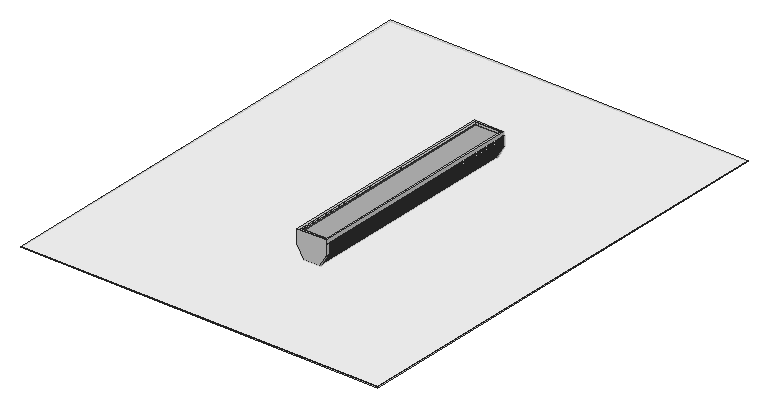
Revit family "HA-1010", category Communication Devices, host Face, Revit 2016
Family settings
  Host = Face
  Maintain Annotation Orientation = No
  Part Type = Normal
  Round Connector Dimension = Use Diameter
  OmniClass Number = 23.85.10.11.14
  OmniClass Title = Audio Equipment
  Cut with Voids When Loaded = Yes
  Shared = No
  Room Calculation Point = No
Parameters (values of type "HA-1010")
  Weight = "13.5 kg (29.76 lb)"
  Water Protection = "IP66"
  URL = "http://toa.com.sg"
  Speaker Component = "Horn speaker unit x 8"
  Sound Pressure Level = "114 dB (1W, 1m)"
  Rated Input = "60W"
  Operating Temperature = "-20°C to +55°C (-4°F to +131°F)"
  Model Type = "WALL MOUNT SPEAKERS SYSTEM"
  Mesh = Black Mesh
  Maximum Sound Pressure Level = "132 dB (60W, 1m)"
  Frequency Response = "350 Hz - 7kHz"
  Rated Impedance = "170 Ω (60W), 330 Ω (30W)"
  Model By = "BIMLIFE PTE LTD"  # constant formula
  Model = "BS-678"
  Manufacturer = "TOA Electronics Pte Ltd"  # constant formula
  Supplier Tel = "+65 6835 9119"  # constant formula
  Supplier Fax = "+65 6835 9559"  # constant formula
  Supplier Address = "491B River Valley Road, #19-03/04 Valley Point Office Tower, Singapore 248373"  # constant formula
  Supplier = "TOA Electronics Pte Ltd"  # constant formula
  Suppiler Email = "http://toa.com.sg"  # constant formula
  Material = ALUMINIUM GREY
  Finish = "Case, Panel: Aluminium, salt-resistant, paint, grey\r\nFront grille: Aluminium, black"
  Directivity Angle = "Horizontal: 90° (2 kHz), Vertical: 15° (2 kHz)"
  Dimension = "167 (W) x 1233 (H) x 140.5(D) mm (6.57\" x 48.54\" x 5.53\")"
  Default Elevation = 0 mm
  Accessory = "Washer (M10)... 8, Spring Washer (M10)... 4, Nut(M10)...4"
  Copyright To = "TOA Electronics Pte Ltd"  # constant formula
Reference planes
  plane 1 "Center (Front/Back)": y = 0
  plane 2: z = 0
  plane 3 "Center (Left/Right)": x = 0
  plane 4: y = 616.5
  plane 5: y = -616.5
  plane 6: x = 83.5
  plane 7: x = -83.5
Forms (mm)
  Extrusion 1, solid, material "Surface"
    sketch origin (1.238, -13.929, 0) x (1, 0, 0) y (0, 1, 0)
      loop
        line (-1081.238, 1293.929) -> (-1081.238, -1277.295) -> (905.648, -1277.295) -> (905.648, 1293.929) -> (-1081.238, 1293.929)
    from 0 to -6.497
  Extrusion 2, solid, material "ALUMINIUM GREY" <- "Material", not visible
    sketch origin (0, 0, 0) x (1, 0, 0) y (0, 1, 0)
      loop
        line (-123, 93) -> (-123, -93) -> (123, -93) -> (123, 93) -> (-123, 93)
    from 0 to 98.5
  Blend 3, solid, material "ALUMINIUM GREY" <- "Material", not visible
    base sketch origin (0, 0, 98.5) x (1, 0, 0) y (0, 1, 0)
      loop
        line (-126, -95) -> (125, -95)
        arc (125, -95) -> (125.707, -94.707) -> (126, -94) r 1
        line (126, -94) -> (126, 94)
        arc (126, 94) -> (125.707, 94.707) -> (125, 95) r 1
        line (125, 95) -> (-126, 95)
        arc (-126, 95) -> (-126.707, 94.707) -> (-127, 94) r 1
        line (-127, 94) -> (-127, -94)
        arc (-127, -94) -> (-126.707, -94.707) -> (-126, -95) r 1
    top sketch origin (0, 0, 98.5) x (1, 0, 0) y (0, 1, 0)
      loop
        arc (-119.605, 90.605) -> (-120.312, 90.312) -> (-120.605, 89.605) r 1
        line (-120.605, 89.605) -> (-120.605, -89.605)
        arc (-120.605, -89.605) -> (-120.312, -90.312) -> (-119.605, -90.605) r 1
        line (-119.605, -90.605) -> (119.605, -90.605)
        arc (119.605, -90.605) -> (120.312, -90.312) -> (120.605, -89.605) r 1
        line (120.605, -89.605) -> (120.605, 89.605)
        arc (120.605, 89.605) -> (120.312, 90.312) -> (119.605, 90.605) r 1
        line (119.605, 90.605) -> (-119.605, 90.605)
    from 0 to 11
  Extrusion 4, solid, material "Black Mesh" <- "Mesh", not visible
    sketch origin (0, 0, 109.5) x (1, 0, 0) y (0, 1, 0)
      loop
        line (-119.75, 89.75) -> (-119.75, -89.75) -> (119.75, -89.75) -> (119.75, 89.75) -> (-119.75, 89.75)
    from -1 to 0
  Extrusion 5, void, not visible
    sketch origin (0, 0, 109.5) x (0, 1, 0) y (1, 0, 0)
      loop
        line (89.75, 119.75) -> (-89.75, 119.75) -> (-89.75, -119.75) -> (89.75, -119.75) -> (89.75, 119.75)
    from 0 to 1
  Extrusion 6, void, not visible
    sketch origin (82, -93, 0) x (1, 0, 0) y (0, 0, -1)
      loop
        spline (-88, 0) -> (-87.796, -1.294) -> (-87.196, -2.5) -> (-86.243, -3.536) -> (-85, -4.33) -> (-83.553, -4.83) -> (-82, -5) -> (-80.447, -4.83) -> (-79, -4.33) -> (-77.757, -3.536) -> (-76.804, -2.5) -> (-76.204, -1.294) -> (-76, 0)
        spline (-76, 0) -> (-76.204, 1.294) -> (-76.804, 2.5) -> (-77.757, 3.536) -> (-79, 4.33) -> (-80.447, 4.83) -> (-82, 5) -> (-83.553, 4.83) -> (-85, 4.33) -> (-86.243, 3.536) -> (-87.196, 2.5) -> (-87.796, 1.294) -> (-88, 0)
    from 0 to 186
  Extrusion 7, void, not visible
    sketch origin (123, 93, 0) x (0, 1, 0) y (0, 0, -1)
      loop
        spline (-99, 0) -> (-98.796, -1.294) -> (-98.196, -2.5) -> (-97.243, -3.536) -> (-96, -4.33) -> (-94.553, -4.83) -> (-93, -5) -> (-91.447, -4.83) -> (-90, -4.33) -> (-88.757, -3.536) -> (-87.804, -2.5) -> (-87.204, -1.294) -> (-87, 0)
        spline (-87, 0) -> (-87.204, 1.294) -> (-87.804, 2.5) -> (-88.757, 3.536) -> (-90, 4.33) -> (-91.447, 4.83) -> (-93, 5) -> (-94.553, 4.83) -> (-96, 4.33) -> (-97.243, 3.536) -> (-98.196, 2.5) -> (-98.796, 1.294) -> (-99, 0)
    from 0 to 246
  Extrusion 8, solid, material "ALUMINIUM GREY" <- "Material"
    sketch origin (0, -30.608, -19.725) x (0, 0, -1) y (1, 0, 0)
      loop
        line (-144.725, -83.5) -> (-89.725, -83.5) -> (-22.725, -44.818) -> (-22.725, 44.818) -> (-89.725, 83.5) -> (-144.725, 83.5) -> (-144.725, 81.5) -> (-164.725, 81.5) -> (-164.725, -81.5) -> (-144.725, -81.5) -> (-144.725, -83.5)
    from -647.108 to 585.892
  Extrusion 9, solid, material "ALUMINIUM GREY" <- "Material"
    sketch origin (0, -30.608, -19.725) x (0, 0, -1) y (1, 0, 0)
      loop
        circle (-70.065, 0) r 17.107
      loop
        circle (-70.065, 0) r 5
    from -652.108 to -647.108
  Extrusion 10, void
    sketch origin (0, -30.608, -19.725) x (0, 0, -1) y (1, 0, 0)
      loop
        line (-91.204, -67.331) -> (-91.204, 67.331) -> (-126.204, 67.331)
        arc (-126.204, 67.331) -> (-137.614, 62.605) -> (-142.341, 51.194) r 16.137
        line (-142.341, 51.194) -> (-142.341, 0) -> (-142.341, -51.194)
        arc (-142.341, -51.194) -> (-137.614, -62.605) -> (-126.204, -67.331) r 16.137
        line (-126.204, -67.331) -> (-91.204, -67.331)
    from -647.108 to -642.108
  Extrusion 11, solid, material "ALUMINIUM GREY" <- "Material"
    sketch origin (0, 616.5, -19.725) x (0, 0, 1) y (1, 0, 0)
      loop
        line (103.293, -67.331) -> (126.204, -67.331)
        arc (126.204, -67.331) -> (137.614, -62.605) -> (142.341, -51.194) r 16.137
        line (142.341, -51.194) -> (142.341, 0) -> (142.341, 51.194)
        arc (142.341, 51.194) -> (137.614, 62.605) -> (126.204, 67.331) r 16.137
        line (126.204, 67.331) -> (103.293, 67.331) -> (103.293, 54.657) -> (125.005, 54.657)
        arc (125.005, 54.657) -> (129.871, 52.93) -> (132.558, 48.521) r 7.716
        line (132.558, 48.521) -> (132.558, 0) -> (132.558, -48.521)
        arc (132.558, -48.521) -> (129.871, -52.93) -> (125.005, -54.657) r 7.716
        line (125.005, -54.657) -> (103.293, -54.657) -> (103.293, -67.331)
    from 5 to 0
  Revolve 12, solid, material "ALUMINIUM GREY" <- "Material"
    sketch origin (36.001, 0, 10.816) x (1, 0, 0) y (0, 1, 0)
      loop
        line (-79.75, 616.5) -> (-72.25, 616.5) -> (-72.25, 621.5)
        arc (-72.25, 621.5) -> (-76.006, 621.569) -> (-79.75, 621.273) r 38.692
        line (-79.75, 621.273) -> (-79.75, 616.5)
      axis (-72.25, 616.5) -> (-72.25, 621.5)
    angle from 0 to 360
  Revolve 13, solid, material "ALUMINIUM GREY" <- "Material"
    sketch origin (-2.246, 0, 113.558) x (1, 0, 0) y (0, 1, 0)
      loop
        line (-79.75, 616.5) -> (-72.25, 616.5) -> (-72.25, 621.5)
        arc (-72.25, 621.5) -> (-76.006, 621.569) -> (-79.75, 621.273) r 38.692
        line (-79.75, 621.273) -> (-79.75, 616.5)
      axis (-72.25, 616.5) -> (-72.25, 621.5)
    angle from 0 to 360
  Revolve 14, solid, material "ALUMINIUM GREY" <- "Material"
    sketch origin (-36.001, 0, 10.816) x (-1, 0, 0) y (0, -1, 0)
      loop
        line (-79.75, -616.5) -> (-79.75, -621.273)
        arc (-79.75, -621.273) -> (-76.006, -621.569) -> (-72.25, -621.5) r 38.692
        line (-72.25, -621.5) -> (-72.25, -616.5) -> (-79.75, -616.5)
      axis (-72.25, -616.5) -> (-72.25, -621.5)
    angle from 0 to 360
  Revolve 15, solid, material "ALUMINIUM GREY" <- "Material"
    sketch origin (2.246, 0, 113.558) x (-1, 0, 0) y (0, -1, 0)
      loop
        line (-79.75, -616.5) -> (-79.75, -621.273)
        arc (-79.75, -621.273) -> (-76.006, -621.569) -> (-72.25, -621.5) r 38.692
        line (-72.25, -621.5) -> (-72.25, -616.5) -> (-79.75, -616.5)
      axis (-72.25, -616.5) -> (-72.25, -621.5)
    angle from 0 to 360
  Revolve 16, solid, material "ALUMINIUM GREY" <- "Material"
    sketch origin (-15.794, 5.645, 0) x (0, 1, 0) y (0, 0, 1)
      loop
        line (533.061, 3) -> (533.061, 0)
        arc (533.061, 0) -> (535.575, 0.094) -> (538.061, 0.484) r 21.314
        line (538.061, 0.484) -> (538.061, 3) -> (533.061, 3)
      axis (533.061, 3) -> (533.061, 0)
    angle from 0 to 360
  Revolve 17, solid, material "ALUMINIUM GREY" <- "Material"
    sketch origin (15.794, 5.645, 0) x (0, 1, 0) y (0, 0, -1)
      loop
        line (533.061, -3) -> (538.061, -3) -> (538.061, -0.484)
        arc (538.061, -0.484) -> (535.575, -0.094) -> (533.061, 0) r 21.314
        line (533.061, 0) -> (533.061, -3)
      axis (533.061, -3) -> (533.061, 0)
    angle from 0 to 360
  Revolve 18, solid, material "ALUMINIUM GREY" <- "Material"
    sketch origin (-15.794, -137.212, 0) x (0, 1, 0) y (0, 0, 1)
      loop
        line (533.061, 3) -> (533.061, 0)
        arc (533.061, 0) -> (535.575, 0.094) -> (538.061, 0.484) r 21.314
        line (538.061, 0.484) -> (538.061, 3) -> (533.061, 3)
      axis (533.061, 3) -> (533.061, 0)
    angle from 0 to 360
  Revolve 19, solid, material "ALUMINIUM GREY" <- "Material"
    sketch origin (15.794, -137.212, 0) x (0, 1, 0) y (0, 0, -1)
      loop
        line (533.061, -3) -> (538.061, -3) -> (538.061, -0.484)
        arc (538.061, -0.484) -> (535.575, -0.094) -> (533.061, 0) r 21.314
        line (533.061, 0) -> (533.061, -3)
      axis (533.061, -3) -> (533.061, 0)
    angle from 0 to 360
  Revolve 20, solid, material "ALUMINIUM GREY" <- "Material"
    sketch origin (-15.794, -280.962, 0) x (0, 1, 0) y (0, 0, 1)
      loop
        line (533.061, 3) -> (533.061, 0)
        arc (533.061, 0) -> (535.575, 0.094) -> (538.061, 0.484) r 21.314
        line (538.061, 0.484) -> (538.061, 3) -> (533.061, 3)
      axis (533.061, 3) -> (533.061, 0)
    angle from 0 to 360
  Revolve 21, solid, material "ALUMINIUM GREY" <- "Material"
    sketch origin (15.794, -280.962, 0) x (0, 1, 0) y (0, 0, -1)
      loop
        line (533.061, -3) -> (538.061, -3) -> (538.061, -0.484)
        arc (538.061, -0.484) -> (535.575, -0.094) -> (533.061, 0) r 21.314
        line (533.061, 0) -> (533.061, -3)
      axis (533.061, -3) -> (533.061, 0)
    angle from 0 to 360
  Revolve 22, solid, material "ALUMINIUM GREY" <- "Material"
    sketch origin (-15.794, -422.212, 0) x (0, 1, 0) y (0, 0, 1)
      loop
        line (533.061, 3) -> (533.061, 0)
        arc (533.061, 0) -> (535.575, 0.094) -> (538.061, 0.484) r 21.314
        line (538.061, 0.484) -> (538.061, 3) -> (533.061, 3)
      axis (533.061, 3) -> (533.061, 0)
    angle from 0 to 360
  Revolve 23, solid, material "ALUMINIUM GREY" <- "Material"
    sketch origin (15.794, -422.212, 0) x (0, 1, 0) y (0, 0, -1)
      loop
        line (533.061, -3) -> (538.061, -3) -> (538.061, -0.484)
        arc (538.061, -0.484) -> (535.575, -0.094) -> (533.061, 0) r 21.314
        line (533.061, 0) -> (533.061, -3)
      axis (533.061, -3) -> (533.061, 0)
    angle from 0 to 360
  Revolve 24, solid, material "ALUMINIUM GREY" <- "Material"
    sketch origin (-15.794, -564.724, 0) x (0, 1, 0) y (0, 0, 1)
      loop
        line (533.061, 3) -> (533.061, 0)
        arc (533.061, 0) -> (535.575, 0.094) -> (538.061, 0.484) r 21.314
        line (538.061, 0.484) -> (538.061, 3) -> (533.061, 3)
      axis (533.061, 3) -> (533.061, 0)
    angle from 0 to 360
  Revolve 25, solid, material "ALUMINIUM GREY" <- "Material"
    sketch origin (15.794, -564.724, 0) x (0, 1, 0) y (0, 0, -1)
      loop
        line (533.061, -3) -> (538.061, -3) -> (538.061, -0.484)
        arc (538.061, -0.484) -> (535.575, -0.094) -> (533.061, 0) r 21.314
        line (533.061, 0) -> (533.061, -3)
      axis (533.061, -3) -> (533.061, 0)
    angle from 0 to 360
  Revolve 26, solid, material "ALUMINIUM GREY" <- "Material"
    sketch origin (-15.794, -709.724, 0) x (0, 1, 0) y (0, 0, 1)
      loop
        line (533.061, 3) -> (533.061, 0)
        arc (533.061, 0) -> (535.575, 0.094) -> (538.061, 0.484) r 21.314
        line (538.061, 0.484) -> (538.061, 3) -> (533.061, 3)
      axis (533.061, 3) -> (533.061, 0)
    angle from 0 to 360
  Revolve 27, solid, material "ALUMINIUM GREY" <- "Material"
    sketch origin (15.794, -709.724, 0) x (0, 1, 0) y (0, 0, -1)
      loop
        line (533.061, -3) -> (538.061, -3) -> (538.061, -0.484)
        arc (538.061, -0.484) -> (535.575, -0.094) -> (533.061, 0) r 21.314
        line (533.061, 0) -> (533.061, -3)
      axis (533.061, -3) -> (533.061, 0)
    angle from 0 to 360
  Revolve 28, solid, material "ALUMINIUM GREY" <- "Material"
    sketch origin (-15.794, -849.724, 0) x (0, 1, 0) y (0, 0, 1)
      loop
        line (533.061, 3) -> (533.061, 0)
        arc (533.061, 0) -> (535.575, 0.094) -> (538.061, 0.484) r 21.314
        line (538.061, 0.484) -> (538.061, 3) -> (533.061, 3)
      axis (533.061, 3) -> (533.061, 0)
    angle from 0 to 360
  Revolve 29, solid, material "ALUMINIUM GREY" <- "Material"
    sketch origin (15.794, -849.724, 0) x (0, 1, 0) y (0, 0, -1)
      loop
        line (533.061, -3) -> (538.061, -3) -> (538.061, -0.484)
        arc (538.061, -0.484) -> (535.575, -0.094) -> (533.061, 0) r 21.314
        line (533.061, 0) -> (533.061, -3)
      axis (533.061, -3) -> (533.061, 0)
    angle from 0 to 360
  Revolve 30, solid, material "ALUMINIUM GREY" <- "Material"
    sketch origin (-15.794, -993.474, 0) x (0, 1, 0) y (0, 0, 1)
      loop
        line (533.061, 3) -> (533.061, 0)
        arc (533.061, 0) -> (535.575, 0.094) -> (538.061, 0.484) r 21.314
        line (538.061, 0.484) -> (538.061, 3) -> (533.061, 3)
      axis (533.061, 3) -> (533.061, 0)
    angle from 0 to 360
  Revolve 31, solid, material "ALUMINIUM GREY" <- "Material"
    sketch origin (15.794, -993.474, 0) x (0, 1, 0) y (0, 0, -1)
      loop
        line (533.061, -3) -> (538.061, -3) -> (538.061, -0.484)
        arc (538.061, -0.484) -> (535.575, -0.094) -> (533.061, 0) r 21.314
        line (533.061, 0) -> (533.061, -3)
      axis (533.061, -3) -> (533.061, 0)
    angle from 0 to 360
  Extrusion 32, solid, material "ALUMINIUM GREY" <- "Material"
    sketch origin (0, 0, 0) x (1, 0, 0) y (0, 1, 0)
      loop
        line (28.902, 478.513) -> (22.631, 489.375) -> (10.088, 489.375) -> (3.817, 478.513) -> (10.088, 467.65) -> (22.631, 467.65) -> (28.902, 478.513)
      loop
        line (-28.902, 478.513) -> (-22.631, 467.65) -> (-10.088, 467.65) -> (-3.817, 478.513) -> (-10.088, 489.375) -> (-22.631, 489.375) -> (-28.902, 478.513)
      loop
        line (28.902, -398.697) -> (22.631, -387.835) -> (10.088, -387.835) -> (3.817, -398.697) -> (10.088, -409.559) -> (22.631, -409.559) -> (28.902, -398.697)
      loop
        line (-28.902, -398.697) -> (-22.631, -409.559) -> (-10.088, -409.559) -> (-3.817, -398.697) -> (-10.088, -387.835) -> (-22.631, -387.835) -> (-28.902, -398.697)
    from -6.09 to 3
  Extrusion 33, void
    sketch origin (0, -30.608, -19.725) x (0, 0, -1) y (1, 0, 0)
      loop
        line (-19.725, -42.599) -> (-21.936, -41.323) -> (-21.936, -44.323) -> (-24.534, -42.823) -> (-24.534, -45.823) -> (-27.132, -44.323) -> (-27.132, -47.323) -> (-29.73, -45.823) -> (-29.73, -48.823) -> (-32.328, -47.323) -> (-32.328, -50.323) -> (-34.926, -48.823) -> (-34.926, -51.823) -> (-37.524, -50.323) -> (-37.524, -53.323) -> (-40.122, -51.823) -> (-40.122, -54.823) -> (-42.72, -53.323) -> (-42.72, -56.323) -> (-45.318, -54.823) -> (-45.318, -57.823) -> (-47.917, -56.323) -> (-47.917, -59.323) -> (-50.515, -57.823) -> (-50.515, -60.823) -> (-53.113, -59.323) -> (-53.113, -62.323) -> (-55.711, -60.823) -> (-55.711, -63.823) -> (-58.309, -62.323) -> (-58.309, -65.323) -> (-60.907, -63.823) -> (-60.907, -66.823) -> (-63.505, -65.323) -> (-63.505, -68.323) -> (-66.103, -66.823) -> (-66.103, -69.823) -> (-68.701, -68.323) -> (-68.701, -71.323) -> (-71.299, -69.823) -> (-71.299, -72.862) -> (-73.931, -71.342) -> (-73.931, -74.382) -> (-76.564, -72.862) -> (-76.564, -75.902) -> (-79.196, -74.382) -> (-79.196, -77.421) -> (-81.828, -75.902) -> (-81.828, -78.941) -> (-84.46, -77.421) -> (-84.46, -80.461) -> (-87.092, -78.941) -> (-87.092, -81.98) -> (-89.725, -80.461) -> (-89.725, -83.5) -> (-91.244, -80.868) -> (-92.725, -83.5) -> (-94.244, -80.868) -> (-95.725, -83.5) -> (-97.244, -80.868) -> (-98.725, -83.5) -> (-100.244, -80.868) -> (-101.725, -83.5) -> (-103.244, -80.868) -> (-104.725, -83.5) -> (-106.244, -80.868) -> (-107.725, -83.5) -> (-109.244, -80.868) -> (-110.725, -83.5) -> (-112.244, -80.868) -> (-113.725, -83.5) -> (-115.244, -80.868) -> (-116.725, -83.5) -> (-118.244, -80.868) -> (-119.725, -83.5) -> (-121.244, -80.868) -> (-122.725, -83.5) -> (-124.244, -80.868) -> (-125.725, -83.5) -> (-127.244, -80.868) -> (-128.725, -83.5) -> (-130.244, -80.868) -> (-131.725, -83.5) -> (-133.244, -80.868) -> (-134.725, -83.5) -> (-136.244, -80.868) -> (-137.725, -83.5) -> (-139.244, -80.868) -> (-140.725, -83.5) -> (-142.244, -80.868) -> (-143.764, -83.5) -> (-162.34, -83.5) -> (-162.34, -98.085) -> (-19.725, -98.085) -> (-19.725, -42.599)
    from -642.108 to 575.892
  Extrusion 34, void
    sketch origin (0, -30.608, -19.725) x (0, 0, -1) y (1, 0, 0)
      loop
        line (-19.725, 42.599) -> (-19.725, 98.085) -> (-162.34, 98.085) -> (-162.34, 83.5) -> (-143.764, 83.5) -> (-142.244, 80.868) -> (-140.725, 83.5) -> (-139.244, 80.868) -> (-137.725, 83.5) -> (-136.244, 80.868) -> (-134.725, 83.5) -> (-133.244, 80.868) -> (-131.725, 83.5) -> (-130.244, 80.868) -> (-128.725, 83.5) -> (-127.244, 80.868) -> (-125.725, 83.5) -> (-124.244, 80.868) -> (-122.725, 83.5) -> (-121.244, 80.868) -> (-119.725, 83.5) -> (-118.244, 80.868) -> (-116.725, 83.5) -> (-115.244, 80.868) -> (-113.725, 83.5) -> (-112.244, 80.868) -> (-110.725, 83.5) -> (-109.244, 80.868) -> (-107.725, 83.5) -> (-106.244, 80.868) -> (-104.725, 83.5) -> (-103.244, 80.868) -> (-101.725, 83.5) -> (-100.244, 80.868) -> (-98.725, 83.5) -> (-97.244, 80.868) -> (-95.725, 83.5) -> (-94.244, 80.868) -> (-92.725, 83.5) -> (-91.244, 80.868) -> (-89.725, 83.5) -> (-89.725, 80.461) -> (-87.092, 81.98) -> (-87.092, 78.941) -> (-84.46, 80.461) -> (-84.46, 77.421) -> (-81.828, 78.941) -> (-81.828, 75.902) -> (-79.196, 77.421) -> (-79.196, 74.382) -> (-76.564, 75.902) -> (-76.564, 72.862) -> (-73.931, 74.382) -> (-73.931, 71.342) -> (-71.299, 72.862) -> (-71.299, 69.823) -> (-68.701, 71.323) -> (-68.701, 68.323) -> (-66.103, 69.823) -> (-66.103, 66.823) -> (-63.505, 68.323) -> (-63.505, 65.323) -> (-60.907, 66.823) -> (-60.907, 63.823) -> (-58.309, 65.323) -> (-58.309, 62.323) -> (-55.711, 63.823) -> (-55.711, 60.823) -> (-53.113, 62.323) -> (-53.113, 59.323) -> (-50.515, 60.823) -> (-50.515, 57.823) -> (-47.917, 59.323) -> (-47.917, 56.323) -> (-45.318, 57.823) -> (-45.318, 54.823) -> (-42.72, 56.323) -> (-42.72, 53.323) -> (-40.122, 54.823) -> (-40.122, 51.823) -> (-37.524, 53.323) -> (-37.524, 50.323) -> (-34.926, 51.823) -> (-34.926, 48.823) -> (-32.328, 50.323) -> (-32.328, 47.323) -> (-29.73, 48.823) -> (-29.73, 45.823) -> (-27.132, 47.323) -> (-27.132, 44.323) -> (-24.534, 45.823) -> (-24.534, 42.823) -> (-21.936, 44.323) -> (-21.936, 41.323) -> (-19.725, 42.599)
    from -642.108 to 575.892
  Extrusion 35, void
    sketch origin (0, -616.5, -19.725) x (0, 0, 1) y (1, 0, 0)
      loop
        line (165.133, -72.458) -> (165.133, 72.378) -> (151.767, 65.568) -> (151.767, -65.648) -> (165.133, -72.458)
    from 10 to 1220.051
  Extrusion 36, solid, material "Black Mesh" <- "Mesh"
    sketch origin (0, -30.608, -19.725) x (0, 0, -1) y (1, 0, 0)
      loop
        line (-152.705, -66.046) -> (-152.705, 66.046) -> (-155.312, 67.374) -> (-155.312, -67.374) -> (-152.705, -66.046)
    from -634.16 to 575.892
Cuts and joins
  Extrusion 10, Extrusion 33, Extrusion 34, Extrusion 35 cuts Extrusion 8
Lines and regions (mm)
  model lines
    curve 1: line (-69.432, 462.295, 135.587) -> (65.568, 462.295, 135.587)
    curve 2: line (-69.432, 319.295, 135.587) -> (65.568, 319.295, 135.587)
    curve 3: line (-69.432, 176.295, 135.587) -> (65.568, 176.295, 135.587)
    curve 4: line (-69.432, 33.295, 135.587) -> (65.568, 33.295, 135.587)
    curve 5: line (-69.432, -109.705, 135.587) -> (65.568, -109.705, 135.587)
    curve 6: line (-69.432, -252.705, 135.587) -> (65.568, -252.705, 135.587)
    curve 7: line (-69.432, -395.705, 135.587) -> (65.568, -395.705, 135.587)
    curve 8: line (-69.432, -538.705, 135.587) -> (65.568, -538.705, 135.587)
Dimensions and locks
  equal spacing: plane 4, plane 1 "Center (Front/Back)", plane 5
  plane 7 to plane 3 "Center (Left/Right)" to plane 6 = 83.5 mm, 83.5 mm
  aligned and locked: Extrusion 1 to plane 2
  aligned and locked: Extrusion 1 to level
Automatic sketch dimensions
  Extrusion 1 sketch curve to Extrusion 1 sketch curve = 1986.886 mm
  Extrusion 1 sketch curve to Extrusion 1 sketch curve = 2571.223 mm
  Extrusion 8 sketch curve to plane 6 = 0 mm
  Extrusion 8 sketch curve to plane 7 = 0 mm
  plane 7 to Extrusion 8 sketch curve = 2 mm
  Extrusion 8 sketch curve to plane 6 = 2 mm
  Extrusion 8 sketch curve to Extrusion 8 sketch curve = 55 mm  (x2)
  level to Extrusion 8 sketch curve = 3 mm
  plane 7 to Extrusion 8 sketch curve = 38.682 mm
  Extrusion 8 sketch curve to plane 6 = 38.682 mm
  Extrusion 9 sketch curve to Extrusion 9 sketch curve = 0 mm  (x2)
  Extrusion 9 sketch curve to plane 3 "Center (Left/Right)" = 0 mm
  level to Extrusion 9 sketch curve = 50.34 mm
  Extrusion 10 sketch curve to plane 3 "Center (Left/Right)" = 0 mm
  level to Extrusion 10 sketch curve = 122.616 mm
  plane 7 to Extrusion 10 sketch curve = 16.169 mm
  Extrusion 10 sketch curve to Extrusion 10 sketch curve = 16.137 mm  (x2)
  Extrusion 10 sketch curve to plane 6 = 16.169 mm
  Extrusion 10 sketch curve to Extrusion 10 sketch curve = 35 mm
  Extrusion 11 sketch curve to Extrusion 8 = 14.169 mm  (x2)
  Extrusion 11 sketch curve to Extrusion 8 = 41.432 mm  (x2)
  Extrusion 11 sketch curve to Extrusion 8 = 19.719 mm  (x2)
  Extrusion 11 sketch curve to Extrusion 11 sketch curve = 1.198 mm  (x2)
  Extrusion 11 sketch curve to Extrusion 8 = 12.167 mm
  Extrusion 11 sketch curve to Extrusion 8 = 2.384 mm
  Extrusion 11 sketch curve to Extrusion 11 sketch curve = 3.463 mm
  Extrusion 11 sketch curve to Extrusion 11 sketch curve = 2.673 mm  (x2)
  Extrusion 11 sketch curve to Extrusion 11 sketch curve = 46.942 mm
  Extrusion 11 sketch curve to Extrusion 11 sketch curve = 0 mm
  Extrusion 11 sketch curve to Extrusion 11 sketch curve = 4.253 mm
  Revolve 12 sketch curve to plane 4 = 0 mm  (x2)
  plane 7 to Revolve 12 sketch curve = 39.751 mm
  Revolve 12 sketch curve to Revolve 12 sketch curve = 4.916 mm
  Revolve 12 sketch curve to Revolve 12 sketch curve = 7.5 mm
  Revolve 12 sketch curve to plane 4 = 33.605 mm
  plane 4 to Revolve 12 sketch curve = 4.773 mm
  Revolve 12 sketch curve to Revolve 12 sketch curve = 0 mm  (x2)
  Revolve 13 sketch curve to plane 4 = 0 mm  (x2)
  plane 7 to Revolve 13 sketch curve = 1.504 mm
  plane 7 to Revolve 13 sketch curve = 6.419 mm
  Revolve 13 sketch curve to Revolve 13 sketch curve = 7.5 mm
  Revolve 13 sketch curve to plane 4 = 33.605 mm
  plane 4 to Revolve 13 sketch curve = 4.773 mm
  Revolve 13 sketch curve to Revolve 13 sketch curve = 0 mm  (x2)
  Revolve 14 sketch curve to plane 4 = 0 mm  (x2)
  Revolve 14 sketch curve to plane 6 = 39.751 mm
  Revolve 14 sketch curve to Revolve 14 sketch curve = 4.916 mm
  Revolve 14 sketch curve to Revolve 14 sketch curve = 7.5 mm
  Revolve 14 sketch curve to Revolve 14 sketch curve = 4.773 mm
  Revolve 14 sketch curve to Revolve 14 sketch curve = 5 mm
  Revolve 14 sketch curve to Revolve 14 sketch curve = 0 mm  (x2)
  Revolve 15 sketch curve to plane 4 = 0 mm  (x2)
  Revolve 15 sketch curve to plane 6 = 1.504 mm
  Revolve 15 sketch curve to plane 6 = 6.419 mm
  Revolve 15 sketch curve to Revolve 15 sketch curve = 7.5 mm
  Revolve 15 sketch curve to Revolve 15 sketch curve = 4.773 mm
  Revolve 15 sketch curve to Revolve 15 sketch curve = 5 mm
  Revolve 15 sketch curve to Revolve 15 sketch curve = 0 mm  (x2)
  Revolve 16 sketch curve to level = 0 mm  (x2)
  level to Revolve 16 sketch curve = 3 mm
  Revolve 16 sketch curve to plane 4 = 77.794 mm
  Revolve 16 sketch curve to Revolve 16 sketch curve = 0.463 mm
  level to Revolve 16 sketch curve = 0.484 mm
  Revolve 16 sketch curve to Revolve 16 sketch curve = 5 mm
  Revolve 16 sketch curve to Revolve 16 sketch curve = 0 mm  (x2)
  Revolve 17 sketch curve to level = 0 mm  (x2)
  level to Revolve 17 sketch curve = 3 mm
  Revolve 17 sketch curve to plane 4 = 77.794 mm
  Revolve 17 sketch curve to Revolve 17 sketch curve = 0.463 mm
  level to Revolve 17 sketch curve = 0.484 mm
  Revolve 17 sketch curve to Revolve 17 sketch curve = 5 mm
  Revolve 17 sketch curve to Revolve 17 sketch curve = 0 mm  (x2)
  Revolve 18 sketch curve to level = 0 mm  (x2)
  level to Revolve 18 sketch curve = 3 mm
  Revolve 18 sketch curve to plane 4 = 220.651 mm
  Revolve 18 sketch curve to Revolve 18 sketch curve = 0.463 mm
  level to Revolve 18 sketch curve = 0.484 mm
  Revolve 18 sketch curve to Revolve 18 sketch curve = 5 mm
  Revolve 18 sketch curve to Revolve 18 sketch curve = 0 mm  (x2)
  Revolve 19 sketch curve to level = 0 mm  (x2)
  level to Revolve 19 sketch curve = 3 mm
  Revolve 19 sketch curve to plane 4 = 220.651 mm
  Revolve 19 sketch curve to Revolve 19 sketch curve = 0.463 mm
  level to Revolve 19 sketch curve = 0.484 mm
  Revolve 19 sketch curve to Revolve 19 sketch curve = 5 mm
  Revolve 19 sketch curve to Revolve 19 sketch curve = 0 mm  (x2)
  Revolve 20 sketch curve to level = 0 mm  (x2)
  level to Revolve 20 sketch curve = 3 mm
  Revolve 20 sketch curve to plane 1 "Center (Front/Back)" = 252.099 mm
  Revolve 20 sketch curve to Revolve 20 sketch curve = 0.463 mm
  level to Revolve 20 sketch curve = 0.484 mm
  Revolve 20 sketch curve to Revolve 20 sketch curve = 5 mm
  Revolve 20 sketch curve to Revolve 20 sketch curve = 0 mm  (x2)
  Revolve 21 sketch curve to level = 0 mm  (x2)
  level to Revolve 21 sketch curve = 3 mm
  Revolve 21 sketch curve to plane 1 "Center (Front/Back)" = 252.099 mm
  Revolve 21 sketch curve to Revolve 21 sketch curve = 0.463 mm
  level to Revolve 21 sketch curve = 0.484 mm
  Revolve 21 sketch curve to Revolve 21 sketch curve = 5 mm
  Revolve 21 sketch curve to Revolve 21 sketch curve = 0 mm  (x2)
  Revolve 22 sketch curve to level = 0 mm  (x2)
  level to Revolve 22 sketch curve = 3 mm
  Revolve 22 sketch curve to plane 1 "Center (Front/Back)" = 110.849 mm
  Revolve 22 sketch curve to Revolve 22 sketch curve = 0.463 mm
  level to Revolve 22 sketch curve = 0.484 mm
  Revolve 22 sketch curve to Revolve 22 sketch curve = 5 mm
  Revolve 22 sketch curve to Revolve 22 sketch curve = 0 mm  (x2)
  Revolve 23 sketch curve to level = 0 mm  (x2)
  level to Revolve 23 sketch curve = 3 mm
  Revolve 23 sketch curve to plane 1 "Center (Front/Back)" = 110.849 mm
  Revolve 23 sketch curve to Revolve 23 sketch curve = 0.463 mm
  level to Revolve 23 sketch curve = 0.484 mm
  Revolve 23 sketch curve to Revolve 23 sketch curve = 5 mm
  Revolve 23 sketch curve to Revolve 23 sketch curve = 0 mm  (x2)
  Revolve 24 sketch curve to level = 0 mm  (x2)
  level to Revolve 24 sketch curve = 3 mm
  plane 1 "Center (Front/Back)" to Revolve 24 sketch curve = 31.663 mm
  Revolve 24 sketch curve to Revolve 24 sketch curve = 0.463 mm
  level to Revolve 24 sketch curve = 0.484 mm
  Revolve 24 sketch curve to Revolve 24 sketch curve = 5 mm
  Revolve 24 sketch curve to Revolve 24 sketch curve = 0 mm  (x2)
  Revolve 25 sketch curve to level = 0 mm  (x2)
  level to Revolve 25 sketch curve = 3 mm
  plane 1 "Center (Front/Back)" to Revolve 25 sketch curve = 31.663 mm
  Revolve 25 sketch curve to Revolve 25 sketch curve = 0.463 mm
  level to Revolve 25 sketch curve = 0.484 mm
  Revolve 25 sketch curve to Revolve 25 sketch curve = 5 mm
  Revolve 25 sketch curve to Revolve 25 sketch curve = 0 mm  (x2)
  Revolve 26 sketch curve to level = 0 mm  (x2)
  level to Revolve 26 sketch curve = 3 mm
  plane 1 "Center (Front/Back)" to Revolve 26 sketch curve = 176.663 mm
  Revolve 26 sketch curve to Revolve 26 sketch curve = 0.463 mm
  level to Revolve 26 sketch curve = 0.484 mm
  Revolve 26 sketch curve to Revolve 26 sketch curve = 5 mm
  Revolve 26 sketch curve to Revolve 26 sketch curve = 0 mm  (x2)
  Revolve 27 sketch curve to level = 0 mm  (x2)
  level to Revolve 27 sketch curve = 3 mm
  plane 1 "Center (Front/Back)" to Revolve 27 sketch curve = 176.663 mm
  Revolve 27 sketch curve to Revolve 27 sketch curve = 0.463 mm
  level to Revolve 27 sketch curve = 0.484 mm
  Revolve 27 sketch curve to Revolve 27 sketch curve = 5 mm
  Revolve 27 sketch curve to Revolve 27 sketch curve = 0 mm  (x2)
  Revolve 28 sketch curve to level = 0 mm  (x2)
  level to Revolve 28 sketch curve = 3 mm
  plane 5 to Revolve 28 sketch curve = 299.837 mm
  Revolve 28 sketch curve to Revolve 28 sketch curve = 0.463 mm
  level to Revolve 28 sketch curve = 0.484 mm
  Revolve 28 sketch curve to Revolve 28 sketch curve = 5 mm
  Revolve 28 sketch curve to Revolve 28 sketch curve = 0 mm  (x2)
  Revolve 29 sketch curve to level = 0 mm  (x2)
  level to Revolve 29 sketch curve = 3 mm
  plane 5 to Revolve 29 sketch curve = 299.837 mm
  Revolve 29 sketch curve to Revolve 29 sketch curve = 0.463 mm
  level to Revolve 29 sketch curve = 0.484 mm
  Revolve 29 sketch curve to Revolve 29 sketch curve = 5 mm
  Revolve 29 sketch curve to Revolve 29 sketch curve = 0 mm  (x2)
  Revolve 30 sketch curve to level = 0 mm  (x2)
  level to Revolve 30 sketch curve = 3 mm
  plane 5 to Revolve 30 sketch curve = 156.087 mm
  Revolve 30 sketch curve to Revolve 30 sketch curve = 0.463 mm
  level to Revolve 30 sketch curve = 0.484 mm
  Revolve 30 sketch curve to Revolve 30 sketch curve = 5 mm
  Revolve 30 sketch curve to Revolve 30 sketch curve = 0 mm  (x2)
  Revolve 31 sketch curve to level = 0 mm  (x2)
  level to Revolve 31 sketch curve = 3 mm
  plane 5 to Revolve 31 sketch curve = 156.087 mm
  Revolve 31 sketch curve to Revolve 31 sketch curve = 0.463 mm
  level to Revolve 31 sketch curve = 0.484 mm
  Revolve 31 sketch curve to Revolve 31 sketch curve = 5 mm
  Revolve 31 sketch curve to Revolve 31 sketch curve = 0 mm  (x2)
  Extrusion 32 sketch curve to plane 3 "Center (Left/Right)" = 28.902 mm  (x2)
  Extrusion 32 sketch curve to Extrusion 32 sketch curve = 6.271 mm  (x6)
  Extrusion 32 sketch curve to plane 3 "Center (Left/Right)" = 10.088 mm  (x4)
  Extrusion 32 sketch curve to plane 3 "Center (Left/Right)" = 3.817 mm  (x2)
  plane 3 "Center (Left/Right)" to Extrusion 32 sketch curve = 3.817 mm  (x2)
  plane 3 "Center (Left/Right)" to Extrusion 32 sketch curve = 10.088 mm  (x4)
  Extrusion 32 sketch curve to Extrusion 32 sketch curve = 12.543 mm  (x4)
  plane 5 to Extrusion 32 sketch curve = 206.941 mm
  Extrusion 32 sketch curve to Extrusion 32 sketch curve = 0 mm  (x4)
  Extrusion 32 sketch curve to Extrusion 32 sketch curve = 10.862 mm  (x10)
  Extrusion 32 sketch curve to plane 4 = 148.85 mm
  Extrusion 33 sketch curve to plane 7 = 0 mm  (x19)
  Extrusion 33 sketch curve to level = 0 mm
  level to Extrusion 33 sketch curve = 2.211 mm
  Extrusion 33 sketch curve to Extrusion 33 sketch curve = 2.598 mm  (x19)
  plane 7 to Extrusion 33 sketch curve = 18.177 mm  (x2)
  plane 7 to Extrusion 33 sketch curve = 16.677 mm
  plane 7 to Extrusion 33 sketch curve = 13.677 mm
  plane 7 to Extrusion 33 sketch curve = 12.177 mm
  plane 7 to Extrusion 33 sketch curve = 9.118 mm  (x2)
  Extrusion 33 sketch curve to Extrusion 33 sketch curve = 2.632 mm  (x7)
  plane 7 to Extrusion 33 sketch curve = 6.079 mm
  plane 7 to Extrusion 33 sketch curve = 2.632 mm  (x18)
  Extrusion 33 sketch curve to Extrusion 33 sketch curve = 1.52 mm  (x6)
  Extrusion 33 sketch curve to Extrusion 33 sketch curve = 3 mm  (x32)
  Extrusion 33 sketch curve to Extrusion 33 sketch curve = 18.576 mm
  Extrusion 33 sketch curve to Extrusion 33 sketch curve = 14.585 mm
  plane 7 to Extrusion 33 sketch curve = 1.52 mm
  Extrusion 33 sketch curve to Extrusion 33 sketch curve = 0.407 mm
  plane 7 to Extrusion 33 sketch curve = 3.039 mm
  Extrusion 33 sketch curve to Extrusion 33 sketch curve = 3.039 mm  (x3)
  Extrusion 33 sketch curve to Extrusion 33 sketch curve = 1.539 mm
  Extrusion 33 sketch curve to Extrusion 33 sketch curve = 1.5 mm  (x19)
  Extrusion 33 sketch curve to Extrusion 33 sketch curve = 1.723 mm
  Extrusion 33 sketch curve to Extrusion 33 sketch curve = 1.277 mm
  Extrusion 33 sketch curve to plane 7 = 0.007 mm  (x17)
  Extrusion 33 sketch curve to Extrusion 33 sketch curve = 0.043 mm  (x17)
  Extrusion 33 sketch curve to Extrusion 33 sketch curve = 2.957 mm  (x16)
  Extrusion 34 sketch curve to plane 6 = 0 mm  (x19)
  Extrusion 34 sketch curve to level = 0 mm
  level to Extrusion 34 sketch curve = 2.211 mm
  Extrusion 34 sketch curve to Extrusion 34 sketch curve = 2.598 mm  (x19)
  Extrusion 34 sketch curve to plane 6 = 18.177 mm  (x2)
  Extrusion 34 sketch curve to plane 6 = 16.677 mm
  Extrusion 34 sketch curve to plane 6 = 13.677 mm
  Extrusion 34 sketch curve to plane 6 = 12.177 mm
  Extrusion 34 sketch curve to plane 6 = 9.118 mm  (x2)
  Extrusion 34 sketch curve to Extrusion 34 sketch curve = 2.632 mm  (x7)
  Extrusion 34 sketch curve to plane 6 = 6.079 mm
  Extrusion 34 sketch curve to plane 6 = 2.632 mm  (x18)
  Extrusion 34 sketch curve to Extrusion 34 sketch curve = 1.52 mm  (x5)
  Extrusion 34 sketch curve to Extrusion 34 sketch curve = 3 mm  (x31)
  Extrusion 34 sketch curve to Extrusion 34 sketch curve = 18.576 mm
  Extrusion 34 sketch curve to Extrusion 34 sketch curve = 1.5 mm  (x20)
  Extrusion 34 sketch curve to Extrusion 34 sketch curve = 1.723 mm
  Extrusion 34 sketch curve to Extrusion 34 sketch curve = 1.277 mm
  Extrusion 34 sketch curve to Extrusion 34 sketch curve = 3.039 mm  (x4)
  Extrusion 34 sketch curve to Extrusion 34 sketch curve = 1.539 mm
  Extrusion 34 sketch curve to plane 6 = 3.039 mm
  Extrusion 34 sketch curve to Extrusion 34 sketch curve = 0.407 mm
  Extrusion 34 sketch curve to plane 6 = 1.52 mm
  plane 6 to Extrusion 34 sketch curve = 14.585 mm
  plane 6 to Extrusion 34 sketch curve = 0.007 mm  (x17)
  Extrusion 34 sketch curve to Extrusion 34 sketch curve = 0.043 mm  (x17)
  Extrusion 34 sketch curve to Extrusion 34 sketch curve = 2.957 mm  (x16)
  Extrusion 8 to Extrusion 35 sketch curve = 15.932 mm
  Extrusion 8 to Extrusion 35 sketch curve = 9.122 mm
  level to Extrusion 8 sketch curve = 145 mm
  Extrusion 8 sketch curve to Extrusion 8 sketch curve = 20 mm  (x2)
  Extrusion 35 sketch curve to Extrusion 8 = 7.043 mm
  Extrusion 35 sketch curve to Extrusion 8 = 0.408 mm
  Extrusion 8 to Extrusion 35 sketch curve = 15.852 mm
  Extrusion 8 to Extrusion 35 sketch curve = 9.042 mm
  Extrusion 36 sketch curve to plane 6 = 17.454 mm
  Extrusion 36 sketch curve to Extrusion 36 sketch curve = 2.607 mm
  plane 7 to Extrusion 36 sketch curve = 17.454 mm
  Extrusion 36 sketch curve to Extrusion 36 sketch curve = 1.328 mm  (x2)
  level to Extrusion 36 sketch curve = 135.587 mm
  Extrusion 36 to curve 1 = 2.058 mm
  Extrusion 36 to curve 8 = 2.058 mm
  Extrusion 36 to curve 8 = 67.795 mm
  Extrusion 36 to curve 2 = 2.058 mm
  Extrusion 36 to curve 7 = 2.058 mm
  Extrusion 36 to curve 3 = 2.058 mm
  Extrusion 36 to curve 6 = 2.058 mm
  Extrusion 36 to curve 4 = 2.058 mm
  Extrusion 36 to curve 5 = 2.058 mm
  Extrusion 36 to curve 5 = 1.806 mm
  Extrusion 36 to curve 3 = 1.806 mm
  Extrusion 36 to curve 6 = 1.806 mm
  Extrusion 36 to curve 2 = 1.806 mm
  Extrusion 36 to curve 7 = 1.806 mm
  Extrusion 36 to curve 1 = 1.806 mm
  Extrusion 36 to curve 8 = 1.806 mm
  Extrusion 36 to curve 4 = 1.806 mm
  curve 8 to curve 7 = 143 mm
  curve 7 to curve 6 = 143 mm
  curve 6 to curve 5 = 143 mm
  curve 5 to curve 4 = 143 mm
  curve 4 to curve 3 = 143 mm
  curve 3 to curve 2 = 143 mm
  Extrusion 36 to curve 1 = 141.256 mm
  radius of Extrusion 9 sketch curve = 17.107 mm
  radius of Extrusion 9 sketch curve = 5 mm
